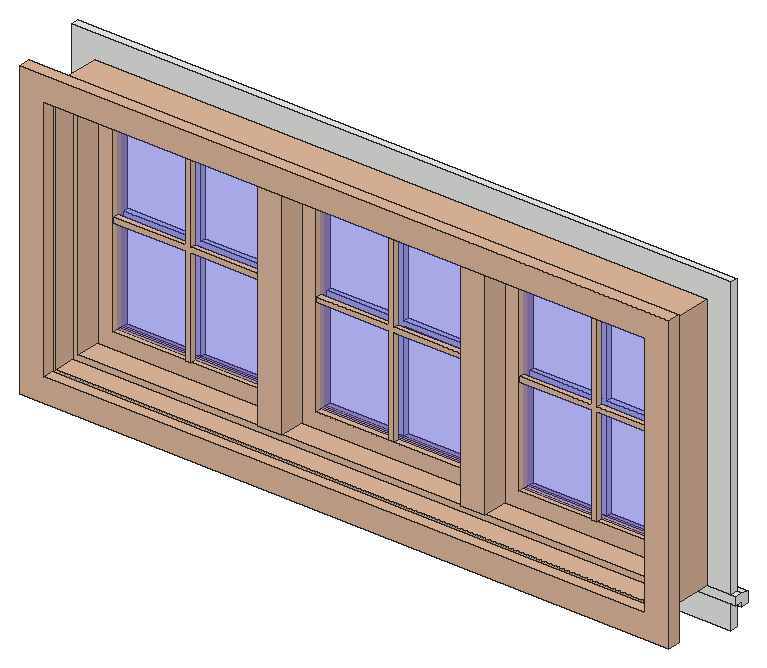
Revit family "M_Janela-batente-triplo", category Janelas, Revit 2019
Family settings
  Hospedeiro = Parede
  Número OmniClass = 23.30.20.17.21.14
  Título OmniClass = Casement Windows
  Sempre na vertical = Sim
  Corte com vazios quando carregada = Não
  Compartilhado = Não
  Ponto de cálculo do ambiente = Não
Parameters (values of type "1550 x 650mm")
  Janela aplicada [instance] = 0 mm
  Espessura da parede [instance] = 150 mm
  Largura do montante = Largura do caixilho - 57.15 mm * 2  # 381.2 mm
  Visual Light Transmittance = 0.81
  Resistência térmica (R) = 0.319569 (m²·K)/W
  Solar Heat Gain Coefficient = 0.76
  Um terceiro da largura = Largura / 3  # 516.667 mm
  Largura do caixilho = (Largura - 63.5 mm) / 3  # 495.5 mm
  Largura bruta = Largura + 15 mm  # 1565 mm
  Altura bruta = Altura + 15 mm  # 665 mm
  Visibilidade do montante central = yes
  Visibilidade do montante lateral = yes
  Padrão do montante = M_Padrão do montante_2x2 : M_Padrão do montante_2x2
  Fechamento da parede interior [instance] = 54.75 mm
  Visibilidade do recorte interior [instance] = yes
  Material da apara interior = Madeira – Manchada
  Recorte interior = M_Moldura-janela-interior-plana : Quadro
  Altura = 650 mm
  Material da moldura interior = Madeira – Manchada
  Coeficiente de transferência de calor (U) = 3.12929 W/(m²·K)
  Altura do montante = Altura - 69.85 mm * 2  # 510.3 mm
  Material do painel de vidro = Vidro
  Extensão do quadro [instance] = if(Visibilidade da apara externa, Janela aplicada + 6.35 mm, 6.35 mm)  # 6.35 mm
  Classificação de incêndio = "0.5h"
  Fechamento da parede externa [instance] = 31.75 mm
  Visibilidade da apara externa [instance] = yes
  Material da apara externa = Revestimento – Branco
  Apara externa = M_Recorte-Janela-Exterior-Plana : com peitoril
  Material da moldura exterior = Revestimento – Branco
  Visibilidade do umbral da extensão [instance] = and(Visibilidade do recorte interior, Espessura da parede - Janela aplicada > 95.25 mm)  # yes
  Umbral da extensão [instance] = if(Espessura da parede - Janela aplicada > 95.25 mm, Espessura da parede - Janela aplicada - 95.25 mm, 25.4 mm)  # 54.75 mm
  Altura-padrão do peitoril = 900 mm
  Fechamento da parede = Por hospedeiro
  Largura = 1550 mm
  Código de montagem = "B2020100"
  Construção analítica = "Vidraça dupla – residencial"
Reference planes
  plane 1 "Centro (Frente/Trás)": y = 0
  plane 2: z = 0
  plane 3 "Centro (Esquerda/Direita)": x = 0
  plane 4 "Esquerda": x = -775
  plane 5 "Direita": x = 775
  plane 6 "Peitoril": z = 900
  plane 7 "Superior": z = 1550
  plane 8 "Inset Face": y = 75
  plane 9 "Fechamento da parede": y = -20.25
  plane 10 "Face do caixilho": y = 87.7
  plane 11 "Exterior": y = 75
  plane 12: x = 762.3
  plane 13: x = -762.3
  plane 14: z = 1537.3
  plane 15: z = 912.7
  plane 16: x = 705.15
  plane 17: x = -705.15
  plane 18: z = 1480.15
  plane 19: z = 969.85
  plane 20: y = 55.95
  plane 21 "Vidro": y = 65.475
  plane 22 "Meio": z = 1225
  plane 23: x = 266.8
  plane 24: x = -266.8
  plane 25: x = 247.75
  plane 26: x = -247.75
  plane 27 "Umbral": y = -20.25
  plane 28 "Interior": y = -75
  plane 29: y = 94.05
  plane 30: x = -287.31
  plane 31: x = -257.275
  plane 32: x = -227.24
  plane 33: x = 257.275
  plane 34: y = 94.05
  plane 35: x = 323.95
  plane 36: x = -323.95
  plane 37: x = 514.55
  plane 38: x = -514.55
  plane 39: y = -20.25
  plane 40: y = 43.25
  plane 41: x = 190.6
  plane 42: x = -190.6
  plane 43: y = 94.05
  plane 44: y = 43.25
Forms (mm)
  Sweep 1, solid, material "Madeira – Manchada" <- "Material da moldura interior"
    path origin (0, 87.7, 0) x (-1, 0, 0) y (0, 0, 1)
      loop
        line (-775, 900) -> (775, 900) -> (775, 1550) -> (-775, 1550) -> (-775, 900)
    profile origin (775, 87.7, 1225) x (1, 0, 0) y (0, 1, 0)
      loop
        line (0, 6.35) -> (-12.7, 6.35) -> (-12.7, -44.45) -> (-31.75, -44.45) -> (-31.75, -107.95) -> (0, -107.95) -> (0, 6.35)
  Extrusion 2, solid, material "Madeira – Manchada" <- "Material da moldura interior", visible <- "Visibilidade do umbral da extensão"
    sketch origin (0, 0, 0) x (1, 0, 0) y (0, 0, 1)
      loop
        line (775, 1550) -> (-775, 1550) -> (-775, 900) -> (775, 900) -> (775, 1550)
      loop
        line (755.95, 919.05) -> (755.95, 1530.95) -> (-755.95, 1530.95) -> (-755.95, 919.05) -> (755.95, 919.05)
    from 20.25 to 75
  Sweep 3, solid, material "Madeira – Manchada" <- "Material da moldura interior"
    path origin (0, 87.7, 0) x (-1, 0, 0) y (0, 0, 1)
      loop
        line (-762.3, 1537.3) -> (-762.3, 912.7) -> (-266.8, 912.7) -> (-266.8, 1537.3) -> (-762.3, 1537.3)
    profile origin (762.3, 87.7, 1225) x (0, 1, 0) y (-1, 0, 0)
      loop
        line (0, 0) -> (0, 57.15) -> (-44.45, 57.15) -> (-44.45, 0) -> (0, 0)
  Sweep 4, solid, material "Madeira – Manchada" <- "Material da moldura interior"
    path origin (0, 87.7, 0) x (-1, 0, 0) y (0, 0, 1)
      loop
        line (266.8, 912.7) -> (762.3, 912.7) -> (762.3, 1537.3) -> (266.8, 1537.3) -> (266.8, 912.7)
    profile origin (-266.8, 87.7, 1225) x (1, 0, 0) y (0, 1, 0)
      loop
        line (0, 0) -> (-57.15, 0) -> (-57.15, -44.45) -> (0, -44.45) -> (0, 0)
  Extrusion 5, solid, material "Vidro" <- "Material do painel de vidro"
    sketch origin (0, 0, 900) x (0, -1, 0) y (1, 0, 0)
      loop
        line (-75, 323.95) -> (-68.65, 323.95) -> (-68.65, 705.15) -> (-75, 705.15) -> (-75, 323.95)
      loop
        line (-55.95, 705.15) -> (-62.3, 705.15) -> (-62.3, 323.95) -> (-55.95, 323.95) -> (-55.95, 705.15)
    from 69.85 to 580.15
  Extrusion 6, solid, material "Vidro" <- "Material do painel de vidro"
    sketch origin (-701.675, 0, 900) x (0, -1, 0) y (1, 0, 0)
      loop
        line (-75, -3.475) -> (-68.65, -3.475) -> (-68.65, 377.725) -> (-75, 377.725) -> (-75, -3.475)
      loop
        line (-55.95, 377.725) -> (-62.3, 377.725) -> (-62.3, -3.475) -> (-55.95, -3.475) -> (-55.95, 377.725)
    from 69.85 to 580.15
  Extrusion 7, solid, material "Vidro" <- "Material do painel de vidro"
    sketch origin (-543.892, 0, 900) x (0, -1, 0) y (1, 0, 0)
      loop
        line (-75, 353.292) -> (-68.65, 353.292) -> (-68.65, 734.492) -> (-75, 734.492) -> (-75, 353.292)
      loop
        line (-55.95, 734.492) -> (-62.3, 734.492) -> (-62.3, 353.292) -> (-55.95, 353.292) -> (-55.95, 734.492)
    from 69.85 to 580.15
  Sweep 8, solid, material "Madeira – Manchada" <- "Material da moldura interior"
    path origin (-601.042, 87.7, 0) x (-1, 0, 0) y (0, 0, 1)
      loop
        line (-848.792, 1537.3) -> (-848.792, 912.7) -> (-353.292, 912.7) -> (-353.292, 1537.3) -> (-848.792, 1537.3)
    profile origin (247.75, 87.7, 1225) x (0, 1, 0) y (-1, 0, 0)
      loop
        line (0, 0) -> (0, 57.15) -> (-44.45, 57.15) -> (-44.45, 0) -> (0, 0)
  Extrusion 9, solid, material "Madeira – Manchada" <- "Material da moldura interior"
    sketch origin (0, 0, 900) x (0, -1, 0) y (1, 0, 0)
      loop
        line (-94.05, -266.8) -> (-43.25, -266.8) -> (-43.25, -287.31) -> (20.25, -287.31) -> (20.25, -227.24) -> (-43.25, -227.24) -> (-43.25, -247.75) -> (-94.05, -247.75) -> (-94.05, -266.8)
      loop
        line (-94.05, 247.75) -> (-43.25, 247.75) -> (-43.25, 227.24) -> (20.25, 227.24) -> (20.25, 287.31) -> (-43.25, 287.31) -> (-43.25, 266.8) -> (-94.05, 266.8) -> (-94.05, 247.75)
    from 12.7 to 637.3
  Extrusion 10, void
    sketch origin (0, 0, 0) x (1, 0, 0) y (0, 0, 1)
      loop
        line (-287.31, 1530.95) -> (-287.31, 1518.25) -> (-227.24, 1518.25) -> (-227.24, 1530.95) -> (-287.31, 1530.95)
      loop
        line (227.24, 1530.95) -> (227.24, 1518.25) -> (287.31, 1518.25) -> (287.31, 1530.95) -> (227.24, 1530.95)
      loop
        line (-287.31, 931.75) -> (-287.31, 912.7) -> (-227.24, 912.7) -> (-227.24, 931.75) -> (-287.31, 931.75)
      loop
        line (227.24, 931.75) -> (227.24, 912.7) -> (287.31, 912.7) -> (287.31, 931.75) -> (227.24, 931.75)
    from -65.475 to 20.25
Cuts and joins
  Extrusion 10 cuts Extrusion 9
Lines and regions (mm)
  Opening 1
    outline origin (-1524, -75, 0) x (1, 0, 0) y (0, 0, 1)
      loop
        line (749, 1550) -> (749, 900) -> (2299, 900) -> (2299, 1550) -> (749, 1550)
  Split face 1
    outline origin (705.15, 87.7, 969.85) x (-1, 0, 0) y (0, -1, 0)
      loop
        line (381.2, 12.7) -> (0, 12.7)
  Split face 2
    outline origin (705.15, 87.7, 1480.15) x (0, 0, -1) y (0, -1, 0)
      loop
        line (0, 12.7) -> (510.3, 12.7)
  Split face 3
    outline origin (323.95, 87.7, 969.85) x (0, 0, 1) y (0, -1, 0)
      loop
        line (510.3, 12.7) -> (0, 12.7)
  Split face 4
    outline origin (323.95, 87.7, 1480.15) x (0, -1, 0) y (1, 0, 0)
      loop
        line (12.7, 0) -> (12.7, 381.2)
  Split face 5
    outline origin (-705.15, 43.25, 969.85) x (1, 0, 0) y (0, 1, 0)
      loop
        line (0, 31.75) -> (381.2, 31.75)
  Split face 6
    outline origin (-323.95, 43.25, 969.85) x (0, 0, 1) y (0, 1, 0)
      loop
        line (510.3, 31.75) -> (0, 31.75)
  Split face 7
    outline origin (-705.15, 43.25, 1480.15) x (0, 0, -1) y (0, 1, 0)
      loop
        line (510.3, 31.75) -> (0, 31.75)
  Split face 8
    outline origin (-323.95, 43.25, 1480.15) x (0, 1, 0) y (-1, 0, 0)
      loop
        line (31.75, 381.2) -> (31.75, 0)
  Split face 9
    outline origin (190.6, 87.7, 969.85) x (-1, 0, 0) y (0, -1, 0)
      loop
        line (381.2, 12.7) -> (0, 12.7)
  Split face 10
    outline origin (190.6, 87.7, 1480.15) x (0, 0, -1) y (0, -1, 0)
      loop
        line (0, 12.7) -> (510.3, 12.7)
  Split face 11
    outline origin (-190.6, 87.7, 969.85) x (0, 0, 1) y (0, -1, 0)
      loop
        line (510.3, 12.7) -> (0, 12.7)
  Split face 12
    outline origin (-190.6, 87.7, 1480.15) x (0, -1, 0) y (1, 0, 0)
      loop
        line (12.7, 0) -> (12.7, 381.2)
  symbolic lines, style "Giro da elevação"
    curve 1: line (266.8, 0, 1537.3) -> (762.3, 0, 1225)
    curve 2: line (762.3, 0, 1225) -> (266.8, 0, 912.7)
    curve 3: line (-266.8, 0, 1537.3) -> (-762.3, 0, 1225)
    curve 4: line (-762.3, 0, 1225) -> (-266.8, 0, 912.7)
Text (mm)
  text "EXTERIOR" at (-1490.695, 1293.036, 0), in view "Nível de referência"
  text "INTERIOR" at (-1490.695, -959.266, 0), in view "Nível de referência"
  text "Exterior" at (0, 1108.87, 3129.179), in view "Esquerda"
  text "Exterior" at (0, 464.664, 3176.206), in view "Direita"
Dimensions and locks
  equal spacing: plane 4 "Esquerda", plane 3 "Centro (Esquerda/Direita)", plane 5 "Direita"
  "Largura": plane 4 "Esquerda" to plane 5 "Direita"
  "Altura": plane 6 "Peitoril" to plane 7 "Superior"
  "Altura-padrão do peitoril": plane 2 to plane 6 "Peitoril"
  locked: plane 10 "Face do caixilho" to plane 8 "Inset Face" at 12.7
  "Espessura da parede": host wall to host wall
  "Janela aplicada": plane 11 "Exterior" to plane 8 "Inset Face"
  locked: Sweep 1 sketch curve to plane 5 "Direita" at 31.75
  locked: Sweep 1 sketch curve to plane 5 "Direita" at 12.7
  locked: plane 10 "Face do caixilho" to Sweep 1 sketch curve at 44.45
  locked: plane 12 to plane 5 "Direita" at 12.7
  locked: plane 4 "Esquerda" to plane 13 at 12.7
  locked: plane 14 to plane 7 "Superior" at 12.7
  locked: plane 6 "Peitoril" to plane 15 at 12.7
  locked: plane 16 to plane 12 at 57.15
  locked: plane 13 to plane 17 at 57.15
  locked: plane 18 to plane 14 at 57.15
  locked: plane 15 to plane 19 at 57.15
  locked: Extrusion 2 sketch curve to plane 7 "Superior" at 19.05
  locked: Extrusion 2 sketch curve to plane 5 "Direita" at 19.05
  locked: Extrusion 2 sketch curve to plane 4 "Esquerda" at 19.05
  locked: plane 6 "Peitoril" to Extrusion 2 sketch curve at 19.05
  plane 13 to plane 12 = 1524.6 mm
  plane 20 to Sweep 3 = 12.7 mm
  equal spacing: plane 8 "Inset Face", plane 21 "Vidro", plane 20
  locked: plane 8 "Inset Face" to plane 20 at 19.05
  equal spacing: plane 6 "Peitoril", plane 22 "Meio", plane 7 "Superior"
  plane 25 to plane 23 = 19.05 mm  (x2)
  plane 26 to plane 24 = 19.05 mm
  "Largura do caixilho": plane 23 to plane 12
  "Largura do caixilho": plane 13 to plane 24
  "Umbral da extensão": plane 27 "Umbral" to plane 28 "Interior"
  locked: plane 29 to plane 10 "Face do caixilho" at 6.35
  equal spacing: plane 30, plane 31, plane 32
  plane 30 to plane 32 = 60.07 mm
  equal spacing: plane 24, plane 31, plane 26
  equal spacing: plane 25, plane 33, plane 23
  locked: plane 34 to plane 11 "Exterior" at 19.05
  locked: plane 8 "Inset Face" to plane 9 "Fechamento da parede" at 95.25
  locked: plane 23 to plane 35 at 57.15
  locked: plane 36 to plane 24 at 57.15
  equal spacing: plane 35, plane 37, plane 16
  equal spacing: plane 17, plane 38, plane 36
  level to host wall = 5461 mm
  "Fechamento da parede interior": plane 39 to plane 28 "Interior"
  "Fechamento da parede externa": plane 11 "Exterior" to plane 40
  locked: plane 25 to plane 41 at 57.15
  locked: plane 42 to plane 26 at 57.15
  "Extensão do quadro": plane 43 to plane 10 "Face do caixilho"
  locked: plane 10 "Face do caixilho" to plane 44 at 44.45
  aligned and locked: plane 7 "Superior" to Opening 1 sketch curve
  aligned and locked: plane 6 "Peitoril" to Opening 1 sketch curve  (x2)
  aligned and locked: plane 5 "Direita" to Opening 1 sketch curve
  aligned and locked: plane 4 "Esquerda" to Opening 1 sketch curve
  aligned and locked: level to plane 2
  aligned and locked: host wall to plane 11 "Exterior"
  aligned and locked: plane 5 "Direita" to Sweep 1 sketch curve
  aligned and locked: plane 7 "Superior" to Sweep 1 sketch curve
  aligned and locked: Sweep 1 sketch curve to plane 4 "Esquerda"
  aligned and locked: Sweep 1 sketch curve to plane 6 "Peitoril"
  aligned and locked: Extrusion 2 sketch curve to host wall  (x3)
  aligned and locked: plane 7 "Superior" to Extrusion 2 sketch curve
  aligned and locked: host wall to Extrusion 2
  aligned and locked: Sweep 3 sketch curve to plane 12
  aligned and locked: plane 14 to Sweep 3 sketch curve
  aligned and locked: Sweep 3 sketch curve to plane 15
  aligned and locked: plane 16 to Sweep 3 sketch curve
  aligned and locked: Sweep 3 sketch curve to plane 10 "Face do caixilho"
  aligned and locked: plane 15 to Sweep 4 sketch curve
  aligned and locked: Sweep 4 sketch curve to plane 13
  aligned and locked: Sweep 4 sketch curve to plane 14
  aligned and locked: Split face 1 sketch curve to plane 8 "Inset Face"
  aligned and locked: plane 8 "Inset Face" to Split face 2 sketch curve
  aligned and locked: plane 8 "Inset Face" to Split face 3 sketch curve
  aligned and locked: Split face 4 sketch curve to plane 8 "Inset Face"
  aligned and locked: Extrusion 5 sketch curve to plane 8 "Inset Face"
  aligned and locked: plane 16 to Extrusion 5 sketch curve
  aligned and locked: Sweep 3 to Extrusion 5 sketch curve
  aligned and locked: Extrusion 5 sketch curve to plane 20
  aligned and locked: Extrusion 5 sketch curve to plane 16
  aligned and locked: Extrusion 5 sketch curve to Sweep 3
  aligned and locked: plane 18 to Extrusion 5
  aligned and locked: Extrusion 5 to plane 19
  aligned and locked: Extrusion 6 sketch curve to plane 8 "Inset Face"
  aligned and locked: plane 20 to Extrusion 6 sketch curve
  aligned and locked: Sweep 4 to Extrusion 6 sketch curve  (x2)
  aligned and locked: Extrusion 6 sketch curve to plane 17  (x2)
  aligned and locked: plane 22 "Meio" to curve 2
  aligned and locked: plane 22 "Meio" to curve 4
  aligned and locked: plane 14 to curve 1
  aligned and locked: plane 14 to curve 3
  aligned and locked: plane 15 to curve 2
  aligned and locked: plane 15 to curve 4
  aligned and locked: plane 18 to Extrusion 6
  aligned and locked: Split face 5 sketch curve to Extrusion 6
  aligned and locked: plane 8 "Inset Face" to Split face 6 sketch curve
  aligned and locked: Split face 7 sketch curve to plane 8 "Inset Face"
  aligned and locked: Split face 8 sketch curve to plane 8 "Inset Face"
  aligned and locked: plane 23 to Sweep 3 sketch curve
  aligned and locked: plane 24 to Sweep 4 sketch curve
  aligned and locked: Sweep 8 sketch curve to plane 25
  aligned and locked: Sweep 8 sketch curve to plane 26
  aligned and locked: plane 14 to Sweep 8 sketch curve
  aligned and locked: Sweep 8 sketch curve to plane 15
  aligned and locked: Sweep 8 to Extrusion 7 sketch curve  (x4)
  aligned and locked: Extrusion 7 to plane 19
  aligned and locked: plane 18 to Extrusion 7
  aligned and locked: curve 1 to Sweep 3
  aligned and locked: Sweep 3 to curve 2
  aligned and locked: Extrusion 7 sketch curve to plane 8 "Inset Face"
  aligned and locked: plane 20 to Extrusion 7 sketch curve
  aligned and locked: nested 1 to plane 21 "Vidro"
  aligned and locked: plane 21 "Vidro" to nested 2
  aligned and locked: nested 3 to host wall
  aligned and locked: plane 3 "Centro (Esquerda/Direita)" to nested 3
  aligned and locked: nested 4 to host wall
  aligned and locked: nested 4 to plane 4 "Esquerda"
  aligned and locked: Extrusion 2 to plane 27 "Umbral"
  aligned and locked: plane 28 "Interior" to host wall
  aligned and locked: plane 9 "Fechamento da parede" to Sweep 1
  aligned and locked: plane 24 to Extrusion 9 sketch curve
  aligned and locked: plane 26 to Extrusion 9 sketch curve
  aligned and locked: Extrusion 9 sketch curve to plane 30
  aligned and locked: Extrusion 9 sketch curve to plane 32
  aligned and locked: Sweep 1 to Extrusion 9 sketch curve  (x2)
  aligned and locked: Sweep 4 to Extrusion 9
  aligned and locked: Extrusion 9 to Sweep 4
  aligned and locked: plane 25 to Extrusion 9 sketch curve
  aligned and locked: Extrusion 9 sketch curve to plane 23
  aligned and locked: Extrusion 2 to Extrusion 10 sketch curve  (x2)
  aligned and locked: plane 30 to Extrusion 10 sketch curve  (x2)
  aligned and locked: Extrusion 10 sketch curve to Sweep 1  (x4)
  aligned and locked: plane 32 to Extrusion 10 sketch curve  (x2)
  aligned and locked: Extrusion 10 sketch curve to Extrusion 9  (x4)
  aligned and locked: Extrusion 10 to plane 9 "Fechamento da parede"
  aligned and locked: Extrusion 10 sketch curve to plane 15  (x2)
  aligned and locked: nested 4 to plane 7 "Superior"
  aligned and locked: nested 3 to plane 7 "Superior"
  aligned and locked: nested 5 to plane 7 "Superior"
  aligned and locked: nested 5 to plane 5 "Direita"
  aligned and locked: nested 5 to plane 11 "Exterior"
  aligned and locked: plane 25 to cut or joined group of Extrusion 9, Extrusion 10
  aligned and locked: plane 26 to cut or joined group of Extrusion 9, Extrusion 10
  aligned and locked: nested 2 to plane 19
  aligned and locked: plane 19 to nested 1
  aligned and locked: nested 2 to plane 18
  aligned and locked: plane 18 to nested 1
  aligned and locked: nested 1 to plane 36
  aligned and locked: nested 1 to plane 17
  aligned and locked: nested 2 to plane 16
  aligned and locked: nested 2 to plane 35
  aligned and locked: plane 7 "Superior" to nested 6
  aligned and locked: nested 6 to plane 3 "Centro (Esquerda/Direita)"
  aligned and locked: plane 7 "Superior" to nested 7
  aligned and locked: plane 3 "Centro (Esquerda/Direita)" to nested 7
  aligned and locked: plane 21 "Vidro" to Extrusion 10
  aligned and locked: plane 42 to nested 8
  aligned and locked: plane 41 to nested 8
  aligned and locked: nested 8 to plane 19
  aligned and locked: nested 8 to plane 18
  aligned and locked: plane 21 "Vidro" to nested 8
  aligned and locked: Sweep 1 sketch curve to plane 43
  aligned and locked: Extrusion 9 sketch curve to plane 44  (x4)
  aligned and locked: Extrusion 9 sketch curve to plane 29
  aligned and locked: plane 29 to Extrusion 9 sketch curve
Automatic sketch dimensions
  Sweep 3 sketch curve to profile plane = 0 mm
  Sweep 3 sketch curve to plane 10 "Face do caixilho" = 44.45 mm
  Sweep 4 sketch curve to plane 10 "Face do caixilho" = 0 mm
  Sweep 4 sketch curve to profile plane = 0 mm
  profile plane to Sweep 4 sketch curve = 57.15 mm
  Sweep 4 sketch curve to plane 10 "Face do caixilho" = 44.45 mm
  Split face 1 sketch curve to Sweep 3 = 0 mm  (x2)
  Sweep 3 to Split face 2 sketch curve = 0 mm
  Split face 2 sketch curve to Sweep 3 = 0 mm
  Split face 3 sketch curve to Sweep 3 = 0 mm
  Sweep 3 to Split face 3 sketch curve = 0 mm
  Split face 4 sketch curve to Sweep 3 = 0 mm  (x2)
  plane 21 "Vidro" to Extrusion 5 sketch curve = 3.175 mm
  Extrusion 5 sketch curve to plane 21 "Vidro" = 3.175 mm
  plane 21 "Vidro" to Extrusion 6 sketch curve = 3.175 mm
  Extrusion 6 sketch curve to plane 21 "Vidro" = 3.175 mm
  Split face 5 sketch curve to Sweep 4 = 0 mm  (x2)
  Split face 6 sketch curve to Sweep 4 = 0 mm
  Sweep 4 to Split face 6 sketch curve = 0 mm
  Sweep 4 to Split face 7 sketch curve = 0 mm
  Split face 7 sketch curve to Sweep 4 = 0 mm
  Split face 8 sketch curve to Sweep 4 = 0 mm  (x2)
  plane 21 "Vidro" to Extrusion 7 sketch curve = 3.175 mm
  Extrusion 7 sketch curve to plane 21 "Vidro" = 3.175 mm
  Sweep 8 sketch curve to profile plane = 0 mm
  Sweep 8 sketch curve to plane 10 "Face do caixilho" = 0 mm
  Sweep 8 sketch curve to Sweep 8 sketch curve = 44.45 mm
  Sweep 8 sketch curve to profile plane = 57.15 mm
  Split face 9 sketch curve to Sweep 8 = 0 mm  (x2)
  Split face 9 sketch curve to Sweep 8 = 12.7 mm
  Sweep 8 to Split face 10 sketch curve = 0 mm
  Split face 10 sketch curve to Sweep 8 = 0 mm
  Split face 10 sketch curve to Sweep 8 = 12.7 mm
  Split face 11 sketch curve to Sweep 8 = 0 mm
  Sweep 8 to Split face 11 sketch curve = 0 mm
  Split face 11 sketch curve to Sweep 8 = 12.7 mm
  Split face 12 sketch curve to Sweep 8 = 0 mm  (x2)
  Split face 12 sketch curve to Sweep 8 = 12.7 mm
  plane 13 to curve 4 = 0 mm
  plane 12 to curve 2 = 0 mm
  plane 24 to curve 3 = 0 mm
  plane 24 to curve 4 = 0 mm
  Sweep 1 sketch curve to profile plane = 0 mm
  Sweep 1 sketch curve to Sweep 1 sketch curve = 63.5 mm
  plane 25 to Extrusion 9 sketch curve = 20.51 mm
  Extrusion 9 sketch curve to plane 23 = 20.51 mm
Nested families
  nested 1: "M_Padrão do montante_2x2" at (-514.55, 65.475, 969.85), Material interior <- "Material da moldura interior", Material externo <- "Material da moldura exterior", visible <- "Visibilidade do montante lateral", type <- "Padrão do montante", type "M_Padrão do montante_2x2"
    with Largura 381.2 mm, Material interior Madeira – Manchada, Altura 510.3 mm, Material externo Revestimento – Branco
  nested 2: "M_Padrão do montante_2x2" at (514.55, 65.475, 969.85) x (-1, 0, 0) z (0, 0, 1), Material interior <- "Material da moldura interior", Material externo <- "Material da moldura exterior", visible <- "Visibilidade do montante lateral", type <- "Padrão do montante", type "M_Padrão do montante_2x2"
    with Largura 381.2 mm, Material interior Madeira – Manchada, Altura 510.3 mm, Material externo Revestimento – Branco
  nested 3: "M_Plano-Batente" at (0, 75, 900), Largura <- "Um terceiro da largura", Janela aplicada <- "Janela aplicada", Altura <- "Altura", Espessura da parede <- "Espessura da parede", type "M_Plano-Batente"
    with Janela aplicada de 3D 0 mm, Janela aplicada 0 mm, Largura 516.667 mm, Espessura da parede 150 mm, Linha superior yes, Linha à direita no, RH no, Linha à esquerda no, LH no, Altura 650 mm, Linha inferior yes
  nested 4: "M_Plano-Batente" at (-516.667, 75, 900), Largura <- "Um terceiro da largura", Janela aplicada <- "Janela aplicada", Altura <- "Altura", Espessura da parede <- "Espessura da parede", type "M_Plano-Batente"
    with Janela aplicada de 3D 0 mm, Janela aplicada 0 mm, Largura 516.667 mm, Espessura da parede 150 mm, Linha superior yes, Linha à direita no, RH no, Linha à esquerda yes, LH yes, Altura 650 mm, Linha inferior yes
  nested 5: "M_Plano-Batente" at (516.667, 75, 900), Janela aplicada <- "Janela aplicada", Largura <- "Um terceiro da largura", Altura <- "Altura", Espessura da parede <- "Espessura da parede", type "M_Plano-Batente"
    with Janela aplicada de 3D 0 mm, Janela aplicada 0 mm, Largura 516.667 mm, Espessura da parede 150 mm, Linha superior yes, Linha à direita yes, RH yes, Linha à esquerda no, LH no, Altura 650 mm, Linha inferior yes
  nested 6: "M_Recorte-Janela-Exterior-Plana" at (0, 75, 1550) x (-1, 0, 0) z (0, 1, 0), visible <- "Visibilidade da apara externa", Material da apara <- "Material da apara externa", Largura da abertura <- "Largura", Altura da abertura <- "Altura", type <- "Apara externa", type "com peitoril"
    with Material da apara Revestimento – Branco, Largura da abertura 1550 mm, Altura da abertura 650 mm
  nested 7: "M_Moldura-janela-interior-plana" at (0, -75, 1550) x (1, 0, 0) z (0, -1, 0), visible <- "Visibilidade do recorte interior", Material da apara <- "Material da apara interior", Largura da abertura <- "Largura", Altura da abertura <- "Altura", type <- "Recorte interior", type "Quadro"
    with Material da apara Madeira – Manchada, Largura da abertura 1550 mm, Altura da abertura 650 mm
  nested 8: "M_Padrão do montante_2x2" at (0, 65.475, 969.85) x (-1, 0, 0) z (0, 0, 1), Material interior <- "Material da moldura interior", Material externo <- "Material da moldura exterior", visible <- "Visibilidade do montante central", type <- "Padrão do montante", type "M_Padrão do montante_2x2"
    with Largura 381.2 mm, Material interior Madeira – Manchada, Altura 510.3 mm, Material externo Revestimento – Branco
Definition of nested family "M_Padrão do montante_2x2"
  Parameters (values of type "M_Padrão do montante_2x2")
    Largura [instance] = 1200 mm
    Espessura = 12.7 mm
    Altura [instance] = 1200 mm
    Material interior [instance] = none
    Material externo [instance] = none
    Distância = 19.05 mm
  Reference planes
    plane 1 "Centro (Frente/Trás)": y = 0
    plane 2: z = 0
    plane 3 "Centro (Esquerda/Direita)": x = 0
    plane 4: z = 1200
    plane 5: x = -600
    plane 6: x = 600
    plane 7: z = 600
    plane 8: y = 9.525
    plane 9: y = 22.225
    plane 10: y = -9.525
    plane 11: y = -22.225
  Forms (mm)
    Extrusion 1, solid, material <- "Material interior", detail levels fine
      sketch origin (0, 0, 0) x (1, 0, 0) y (0, 0, 1)
        loop
          line (-600, 606.35) -> (-600, 593.65) -> (-6.35, 593.65) -> (-6.35, 0) -> (6.35, 0) -> (6.35, 593.65) -> (600, 593.65) -> (600, 606.35) -> (6.35, 606.35) -> (6.35, 1200) -> (-6.35, 1200) -> (-6.35, 606.35) -> (-600, 606.35)
      from 9.525 to 22.225
    Extrusion 2, solid, material <- "Material externo", detail levels fine
      sketch origin (0, 0, 0) x (1, 0, 0) y (0, 0, -1)
        loop
          line (-600, -606.35) -> (-6.35, -606.35) -> (-6.35, -1200) -> (6.35, -1200) -> (6.35, -606.35) -> (600, -606.35) -> (600, -593.65) -> (6.35, -593.65) -> (6.35, 0) -> (-6.35, 0) -> (-6.35, -593.65) -> (-600, -593.65) -> (-600, -606.35)
      from 9.525 to 22.225
  Lines and regions (mm)
    model lines, detail levels medium
      curve 1: line (0, 9.525, 1200) -> (0, 9.525, 0)
      curve 2: line (-600, -9.525, 600) -> (600, -9.525, 600)
      curve 3: line (-600, 9.525, 600) -> (600, 9.525, 600)
      curve 4: line (0, -9.525, 1200) -> (0, -9.525, 0)
  Dimensions and locks
    equal spacing: plane 6, plane 3 "Centro (Esquerda/Direita)", plane 5
    "Largura": plane 6 to plane 5
    "Altura": plane 4 to plane 2
    equal spacing: plane 4, plane 7, plane 2
    locked: plane 3 "Centro (Esquerda/Direita)" to Extrusion 1 sketch curve at 6.35  (x4)
    locked: Extrusion 1 sketch curve to plane 7 at 6.35  (x2)
    locked: plane 7 to Extrusion 1 sketch curve at 6.35  (x2)
    "Espessura": plane 9 to plane 8
    "Espessura": plane 10 to plane 11
    "Distância": plane 8 to plane 10
    equal spacing: plane 8, plane 1 "Centro (Frente/Trás)", plane 10
    aligned and locked: plane 2 to level
    aligned and locked: plane 4 to curve 1
    aligned and locked: plane 5 to curve 2
    aligned and locked: plane 2 to curve 1
    aligned and locked: plane 6 to curve 2
    aligned and locked: Extrusion 1 sketch curve to plane 4
    aligned and locked: Extrusion 1 sketch curve to plane 6
    aligned and locked: Extrusion 1 sketch curve to plane 5
    aligned and locked: Extrusion 1 sketch curve to level
    aligned and locked: Extrusion 1 to plane 11
    aligned and locked: plane 10 to Extrusion 1
    aligned and locked: Extrusion 2 to plane 5
    aligned and locked: plane 6 to Extrusion 2
    aligned and locked: Extrusion 2 to plane 8
    aligned and locked: plane 9 to Extrusion 2
    aligned and locked: Extrusion 2 to plane 2
    aligned and locked: plane 4 to Extrusion 2
    aligned and locked: plane 5 to curve 3
    aligned and locked: plane 6 to curve 3
    aligned and locked: plane 4 to curve 4
    aligned and locked: plane 2 to curve 4
    aligned and locked: plane 8 to curve 3
  Automatic sketch dimensions
    curve 2 to plane 7 = 0 mm
    Extrusion 2 sketch curve to plane 5 = 0 mm
    Extrusion 2 sketch curve to level = 0 mm
    Extrusion 2 sketch curve to plane 4 = 0 mm
    Extrusion 2 sketch curve to plane 6 = 0 mm
    Extrusion 2 sketch curve to plane 3 "Centro (Esquerda/Direita)" = 6.35 mm  (x2)
    plane 3 "Centro (Esquerda/Direita)" to Extrusion 2 sketch curve = 6.35 mm  (x2)
    plane 7 to Extrusion 2 sketch curve = 6.35 mm  (x2)
    Extrusion 2 sketch curve to plane 7 = 6.35 mm  (x2)
    curve 4 to plane 3 "Centro (Esquerda/Direita)" = 0 mm
    curve 4 to level = 0 mm
    curve 4 to plane 4 = 0 mm
    curve 3 to plane 6 = 0 mm
    curve 1 to plane 3 "Centro (Esquerda/Direita)" = 0 mm
    curve 3 to plane 5 = 0 mm
    curve 3 to plane 7 = 0 mm
Definition of nested family "M_Recorte-Janela-Exterior-Plana"
  Parameters (values of type "com peitoril")
    Largura da apara = 60 mm
    Espessura da apara_Quadro = 30 mm
    Espessura da apara_com peitoril = 19.05 mm
    Material da apara [instance] = none
    Espessura do peitoril = 30 mm
    Peitoril = yes
    Quadro = no
    Largura da abertura [instance] = 600 mm
    Altura da abertura [instance] = 900 mm
    Default Elevation = 1200 mm
  Types (2, lengths in mm): name | Peitoril | Quadro
    com peitoril | yes | no
    Quadro | no | yes
  Reference planes
    plane 1 "Centro (Frente/Trás)": y = 0
    plane 2: z = 0
    plane 3 "Centro (Esquerda/Direita)": x = 0
    plane 4: y = 60
    plane 5 "Esquerda": x = -300
    plane 6 "Direita": x = 300
    plane 7 "Inferior": y = -900
    plane 8: y = -930
    plane 9: y = -980.432
    plane 10: x = 360
    plane 11: x = -360
    plane 12: z = 19.05
    plane 13: z = 30
    plane 14: x = 372.7
    plane 15: x = -372.7
    plane 16: y = -920.432
    plane 17: y = -960
    plane 18: z = 12.7
    plane 19: y = -450
    plane 20: z = 38.1
  Forms (mm)
    Extrusion 1, solid
      sketch origin (0, 0, 0) x (1, 0, 0) y (0, 1, 0)
        loop
          line (-361.95, 57.15) -> (-361.95, -993.732) -> (361.95, -993.732) -> (361.95, 57.15) -> (-361.95, 57.15)
      from 0 to -304.8
    Extrusion 2, solid, material <- "Material da apara", visible <- "Peitoril"
      sketch origin (0, 0, 0) x (1, 0, 0) y (0, 1, 0)
        loop
          line (-360, -900) -> (-300, -900) -> (-300, 0) -> (300, 0) -> (300, -900) -> (360, -900) -> (360, 60) -> (-360, 60) -> (-360, -900)
      from 0 to 19.05
    Extrusion 3, solid, material <- "Material da apara", visible <- "Peitoril"
      sketch origin (0, 0, 0) x (0, 1, 0) y (0, 0, 1)
        loop
          line (-902.458, 38.1) -> (-930, 38.1) -> (-930, 19.05) -> (-920.432, 19.05) -> (-920.432, 0) -> (-900, 0) -> (-900, 19.05) -> (-902.458, 38.1)
      from -372.7 to 372.7
    Extrusion 4, solid, material <- "Material da apara", visible <- "Peitoril"
      sketch origin (0, 0, 0) x (1, 0, 0) y (0, 1, 0)
        loop
          line (-360, -920.432) -> (-360, -980.432) -> (360, -980.432) -> (360, -920.432) -> (-360, -920.432)
      from 0 to 19.05
    Extrusion 5, solid, material <- "Material da apara", visible <- "Quadro"
      sketch origin (0, 0, 0) x (1, 0, 0) y (0, 1, 0)
        loop
          line (-300, 0) -> (-300, -900) -> (300, -900) -> (300, 0) -> (-300, 0)
        loop
          line (-360, 60) -> (-360, -960) -> (360, -960) -> (360, 60) -> (-360, 60)
      from 0 to 30
  Dimensions and locks
    equal spacing: plane 5 "Esquerda", plane 3 "Centro (Esquerda/Direita)", plane 6 "Direita"
    "Largura da abertura": plane 5 "Esquerda" to plane 6 "Direita"
    "Altura da abertura": plane 7 "Inferior" to plane 1 "Centro (Frente/Trás)"
    "Espessura do peitoril": plane 7 "Inferior" to plane 8
    "Largura da apara": plane 11 to plane 5 "Esquerda"
    "Largura da apara": plane 6 "Direita" to plane 10
    "Largura da apara": plane 1 "Centro (Frente/Trás)" to plane 4
    locked: plane 15 to plane 11 at 12.7
    locked: plane 10 to plane 14 at 12.7
    locked: plane 16 to plane 8 at 9.568
    "Largura da apara": plane 9 to plane 16
    "Largura da apara": plane 17 to plane 7 "Inferior"
    locked: plane 18 to plane 2 at 12.7
    equal spacing: plane 7 "Inferior", plane 19, plane 1 "Centro (Frente/Trás)"
    locked: plane 20 to plane 12 at 19.05
    "Espessura da apara_com peitoril": plane 12 to plane 2
    "Espessura da apara_Quadro": plane 13 to plane 2
    aligned and locked: plane 2 to Extrusion 1
    aligned and locked: level to Extrusion 1
    aligned and locked: Extrusion 2 sketch curve to plane 5 "Esquerda"
    aligned and locked: Extrusion 2 sketch curve to plane 11
    aligned and locked: plane 7 "Inferior" to Extrusion 2 sketch curve  (x2)
    aligned and locked: plane 1 "Centro (Frente/Trás)" to Extrusion 2 sketch curve
    aligned and locked: plane 10 to Extrusion 2 sketch curve
    aligned and locked: Extrusion 2 sketch curve to plane 6 "Direita"
    aligned and locked: plane 12 to Extrusion 2
    aligned and locked: Extrusion 3 sketch curve to level
    aligned and locked: plane 7 "Inferior" to Extrusion 3 sketch curve
    aligned and locked: Extrusion 3 sketch curve to plane 8
    aligned and locked: plane 15 to Extrusion 3
    aligned and locked: Extrusion 3 to plane 14
    aligned and locked: plane 10 to Extrusion 4 sketch curve
    aligned and locked: Extrusion 4 sketch curve to plane 11
    aligned and locked: plane 16 to Extrusion 4 sketch curve
    aligned and locked: plane 9 to Extrusion 4 sketch curve
    aligned and locked: Extrusion 4 to Extrusion 2
    aligned and locked: Extrusion 2 sketch curve to plane 4
    aligned and locked: plane 1 "Centro (Frente/Trás)" to Extrusion 5 sketch curve
    aligned and locked: Extrusion 5 sketch curve to plane 4
    aligned and locked: Extrusion 5 sketch curve to plane 17
    aligned and locked: plane 7 "Inferior" to Extrusion 5 sketch curve
    aligned and locked: Extrusion 5 sketch curve to plane 6 "Direita"
    aligned and locked: plane 10 to Extrusion 5 sketch curve
    aligned and locked: Extrusion 5 sketch curve to plane 5 "Esquerda"
    aligned and locked: Extrusion 5 sketch curve to plane 11
    aligned and locked: plane 13 to Extrusion 5
    aligned and locked: plane 20 to Extrusion 3
  Automatic sketch dimensions
    Extrusion 1 sketch curve to Extrusion 1 sketch curve = 723.9 mm
    Extrusion 1 sketch curve to Extrusion 1 sketch curve = 1050.882 mm
    Extrusion 3 sketch curve to plane 16 = 0 mm
    Extrusion 3 sketch curve to plane 12 = 0 mm  (x2)
    Extrusion 3 sketch curve to plane 7 "Inferior" = 2.458 mm
    plane 13 to Extrusion 3 sketch curve = 8.1 mm
Definition of nested family "M_Moldura-janela-interior-plana"
  Parameters (values of type "com peitoril")
    Espessura da apara_Quadro = 30 mm
    Largura da apara = 60 mm
    Espessura da apara_com peitoril = 20 mm
    Material da apara [instance] = none
    Espessura do peitoril = 30 mm
    Peitoril = yes
    Quadro = no
    Largura da abertura [instance] = 600 mm
    Altura da abertura [instance] = 900 mm
    Default Elevation = 1200 mm
  Types (2, lengths in mm): name | Peitoril | Quadro
    com peitoril | yes | no
    Quadro | no | yes
  Reference planes
    plane 1 "Centro (Frente/Trás)": y = 0
    plane 2: z = 0
    plane 3 "Centro (Esquerda/Direita)": x = 0
    plane 4: y = 47.3
    plane 5 "Esquerda": x = -300
    plane 6 "Direita": x = 300
    plane 7 "Inferior": y = -900
    plane 8: y = -930
    plane 9: y = -980.432
    plane 10: x = 347.3
    plane 11: x = -347.3
    plane 12: z = 20
    plane 13: z = 30
    plane 14: x = 360
    plane 15: x = -360
    plane 16: y = -920.432
    plane 17: y = -947.3
    plane 18: z = 12.7
    plane 19: x = -287.3
    plane 20: y = -12.7
    plane 21: x = 287.3
    plane 22: y = -887.3
    plane 23: x = -334.6
    plane 24: x = 334.6
    plane 25: y = -450
  Forms (mm)
    Extrusion 1, solid
      sketch origin (0, 0, 0) x (1, 0, 0) y (0, 1, 0)
        loop
          line (-349.25, 44.45) -> (-349.25, -958.85) -> (349.25, -958.85) -> (349.25, 44.45) -> (-349.25, 44.45)
      from 0 to -304.8
    Extrusion 2, solid, material <- "Material da apara", visible <- "Peitoril"
      sketch origin (0, 0, 0) x (1, 0, 0) y (0, 1, 0)
        loop
          line (-334.6, -900) -> (-287.3, -900) -> (-287.3, 0) -> (287.3, 0) -> (287.3, -900) -> (334.6, -900) -> (334.6, 47.3) -> (-334.6, 47.3) -> (-334.6, -900)
      from 0 to 20
    Extrusion 3, solid, material <- "Material da apara", visible <- "Peitoril"
      sketch origin (0, 0, 0) x (0, 1, 0) y (0, 0, 1)
        loop
          line (-912.7, 39.05) -> (-920.432, 39.05) -> (-920.432, 0) -> (-900, 0) -> (-900, 26.35)
          arc (-900, 26.35) -> (-903.72, 35.33) -> (-912.7, 39.05) r 12.7
      from -347.3 to 347.3
    Extrusion 4, solid, material <- "Material da apara", visible <- "Peitoril"
      sketch origin (0, 0, 0) x (1, 0, 0) y (0, 1, 0)
        loop
          line (-334.6, -920.432) -> (-334.6, -980.432) -> (334.6, -980.432) -> (334.6, -920.432) -> (-334.6, -920.432)
      from 0 to 20
    Extrusion 5, solid, material <- "Material da apara", visible <- "Quadro"
      sketch origin (0, 0, 0) x (1, 0, 0) y (0, 1, 0)
        loop
          line (-287.3, -12.7) -> (-287.3, -887.3) -> (287.3, -887.3) -> (287.3, -12.7) -> (-287.3, -12.7)
        loop
          line (-347.3, 47.3) -> (-347.3, -947.3) -> (347.3, -947.3) -> (347.3, 47.3) -> (-347.3, 47.3)
      from 0 to 30
  Dimensions and locks
    equal spacing: plane 5 "Esquerda", plane 3 "Centro (Esquerda/Direita)", plane 6 "Direita"
    "Largura da abertura": plane 5 "Esquerda" to plane 6 "Direita"
    "Altura da abertura": plane 7 "Inferior" to plane 1 "Centro (Frente/Trás)"
    "Espessura do peitoril": plane 7 "Inferior" to plane 8
    "Largura da apara": plane 11 to plane 19
    "Largura da apara": plane 21 to plane 10
    "Largura da apara": plane 20 to plane 4
    "Espessura da apara_com peitoril": plane 12 to plane 2
    locked: plane 15 to plane 11 at 12.7
    locked: plane 10 to plane 14 at 12.7
    locked: plane 16 to plane 8 at 9.568
    "Largura da apara": plane 9 to plane 16
    "Largura da apara": plane 17 to plane 22
    plane 20 to plane 1 "Centro (Frente/Trás)" = 12.7 mm
    plane 5 "Esquerda" to plane 19 = 12.7 mm
    plane 21 to plane 6 "Direita" = 12.7 mm
    plane 22 to plane 7 "Inferior" = 12.7 mm
    locked: plane 11 to plane 23 at 12.7
    locked: plane 24 to plane 10 at 12.7
    equal spacing: plane 7 "Inferior", plane 25, plane 1 "Centro (Frente/Trás)"
    "Espessura da apara_Quadro": plane 13 to plane 2
    locked: Extrusion 3 to plane 12 at 19.05
    locked: plane 12 to Extrusion 3 sketch curve at 19.05
    radius of Extrusion 3 sketch curve = 12.7 mm
    aligned and locked: plane 2 to Extrusion 1
    aligned and locked: level to Extrusion 1
    aligned and locked: plane 7 "Inferior" to Extrusion 2 sketch curve  (x2)
    aligned and locked: plane 1 "Centro (Frente/Trás)" to Extrusion 2 sketch curve
    aligned and locked: plane 12 to Extrusion 2
    aligned and locked: Extrusion 3 sketch curve to level
    aligned and locked: plane 7 "Inferior" to Extrusion 3 sketch curve
    aligned and locked: plane 16 to Extrusion 4 sketch curve
    aligned and locked: plane 9 to Extrusion 4 sketch curve
    aligned and locked: Extrusion 2 sketch curve to plane 4
    aligned and locked: Extrusion 5 sketch curve to plane 4
    aligned and locked: Extrusion 5 sketch curve to plane 17
    aligned and locked: plane 10 to Extrusion 5 sketch curve
    aligned and locked: Extrusion 5 sketch curve to plane 11
    aligned and locked: plane 13 to Extrusion 5
    aligned and locked: Extrusion 5 sketch curve to plane 20
    aligned and locked: Extrusion 5 sketch curve to plane 19
    aligned and locked: Extrusion 5 sketch curve to plane 21
    aligned and locked: plane 22 to Extrusion 5 sketch curve
    aligned and locked: Extrusion 4 to plane 24
    aligned and locked: plane 11 to Extrusion 3
    aligned and locked: Extrusion 3 to plane 10
    aligned and locked: Extrusion 2 sketch curve to plane 21
    aligned and locked: Extrusion 2 sketch curve to plane 24
    aligned and locked: Extrusion 2 sketch curve to plane 19
    aligned and locked: Extrusion 2 sketch curve to plane 23
    aligned and locked: plane 12 to Extrusion 4
  Automatic sketch dimensions
    Extrusion 1 sketch curve to Extrusion 1 sketch curve = 698.5 mm
    Extrusion 1 sketch curve to Extrusion 1 sketch curve = 1003.3 mm
    Extrusion 3 sketch curve to plane 16 = 0 mm
    Extrusion 4 sketch curve to plane 11 = 12.7 mm
    Extrusion 4 sketch curve to plane 24 = 0 mm
Definition of nested family "M_Plano-Batente"
  Parameters (values of type "M_Plano-Batente")
    Janela aplicada [instance] = 25 mm
    Janela aplicada de 3D [instance] = if(Janela aplicada - 12.7 mm < 0 mm, 0 mm, if(Janela aplicada - 12.7 mm < Espessura da parede - 88.9 mm, Janela aplicada - 12.7 mm, Espessura da parede - 88.9 mm))  # 12.3 mm
    Width [instance] = 1200 mm
    Espessura da parede [instance] = 150 mm
    Linha superior [instance] = yes
    Linha à direita [instance] = yes
    RH [instance] = yes
    Linha à esquerda [instance] = yes
    LH [instance] = yes
    Height [instance] = 900 mm
    Default Elevation = 1200 mm
    Linha inferior [instance] = yes
    Analytic Construction = "<Nenhum>"
  Reference planes
    plane 1 "Centro (Frente/Trás)": y = 0
    plane 2: z = 0
    plane 3 "Centro (Esquerda/Direita)": x = 0
    plane 4: x = -600
    plane 5: x = 600
    plane 6 "Umbral": y = -101.2
    plane 7: x = -587.3
    plane 8: x = -568.25
    plane 9: y = -12.3
    plane 10: y = -56.75
    plane 11: y = -34.525
    plane 12: x = -530.15
    plane 13: x = 587.3
    plane 14: x = 568.25
    plane 15: x = 530.15
    plane 16 "Janela aplicada": y = -25
    plane 17 "Parede": y = -150
    plane 18: z = 900
    plane 19: z = 887.3
    plane 20: z = 12.7
    plane 21: z = 868.25
    plane 22: z = 31.75
    plane 23: z = 830.15
    plane 24: z = 69.85
  Lines and regions (mm)
    Masking region 1
      outline origin (0, 19.05, 0) x (1, 0, 0) y (0, 1, 0)
        loop
          line (-600, -19.05) -> (-600, -169.05) -> (600, -169.05) -> (600, -19.05) -> (-600, -19.05)
    Masking region 2
      outline origin (0, 0, 0) x (0, 1, 0) y (0, 0, 1)
        loop
          line (0, 900) -> (-150, 900) -> (-150, 0) -> (0, 0) -> (0, 900)
    symbolic lines
      curve 1: line (-587.3, -56.75, 0) -> (-568.25, -56.75, 0)
      curve 2: line (-568.25, -56.75, 0) -> (-568.25, -101.2, 0)
      curve 3: line (-587.3, -12.3, 0) -> (-587.3, -56.75, 0)
      curve 4: line (-530.15, -12.3, 0) -> (-530.15, -56.75, 0)
      curve 5: line (-530.15, -56.75, 0) -> (-568.25, -56.75, 0)
      curve 6: line (-530.15, -34.525, 0) -> (530.15, -34.525, 0)
      curve 7: line (587.3, -56.75, 0) -> (568.25, -56.75, 0)
      curve 8: line (568.25, -56.75, 0) -> (568.25, -101.2, 0)
      curve 9: line (587.3, -12.3, 0) -> (587.3, -56.75, 0)
      curve 10: line (530.15, -12.3, 0) -> (530.15, -56.75, 0)
      curve 11: line (530.15, -56.75, 0) -> (568.25, -56.75, 0)
      curve 14: line (-600, -101.2, 0) -> (-568.25, -101.2, 0)
      curve 15: line (568.25, -101.2, 0) -> (600, -101.2, 0)
      curve 16: line (568.25, -101.2, 0) -> (-568.25, -101.2, 0)
      curve 17: line (0, -12.3, 887.3) -> (0, -56.75, 887.3)
      curve 18: line (0, -56.75, 868.25) -> (0, -101.2, 868.25)
      curve 19: line (0, -12.3, 12.7) -> (0, -56.75, 12.7)
      curve 20: line (0, -56.75, 12.7) -> (0, -56.75, 69.85)
      curve 21: line (0, -56.75, 31.75) -> (0, -101.2, 31.75)
      curve 22: line (0, -12.3, 900) -> (0, -12.3, 830.15)
      curve 23: line (0, -12.3, 830.15) -> (0, -56.75, 830.15)
      curve 24: line (0, -56.75, 69.85) -> (0, -12.3, 69.85)
      curve 25: line (0, -34.525, 69.85) -> (0, -34.525, 830.15)
      curve 28: line (0, -56.75, 887.3) -> (0, -56.75, 830.15)
      curve 29: line (530.15, -12.3, 0) -> (600, -12.3, 0)
      curve 30: line (-530.15, -12.3, 0) -> (-600, -12.3, 0)
      curve 31: line (0, -12.3, 69.85) -> (0, -12.3, 0)
      curve 32: line (-530.15, -12.3, 0) -> (530.15, -12.3, 0)
      curve 33: line (0, -12.3, 830.15) -> (0, -12.3, 69.85)
      curve 38: line (0, -101.2, 31.75) -> (0, -101.2, 868.25)
      curve 39: line (0, -101.2, 31.75) -> (0, -101.2, 0)
      curve 40: line (0, -101.2, 900) -> (0, -101.2, 868.25)
    symbolic lines, visible <- "RH"
      curve 12: arc (-587.3, -12.3, 0) -> (-497.889, 437.2, 0) -> (-243.268, 818.268, 0) r 1174.6
      curve 26: line (587.3, -12.3, 0) -> (-243.268, 818.268, 0)
    symbolic lines, visible <- "LH"
      curve 13: line (-587.3, -12.3, 0) -> (243.268, 818.268, 0)
      curve 27: arc (587.3, -12.3, 0) -> (497.889, 437.2, 0) -> (243.268, 818.268, 0) r 1174.6
    symbolic lines, visible <- "Linha à direita"
      curve 34: line (600, 0, 0) -> (600, -150, 0)
    symbolic lines, visible <- "Linha à esquerda"
      curve 35: line (-600, 0, 0) -> (-600, -150, 0)
    symbolic lines, visible <- "Linha superior"
      curve 36: line (0, 0, 900) -> (0, -150, 900)
    symbolic lines, visible <- "Linha inferior"
      curve 37: line (0, 0, 0) -> (0, -150, 0)
  Dimensions and locks
    "Width": plane 4 to plane 5
    equal spacing: plane 4, plane 3 "Centro (Esquerda/Direita)", plane 5
    plane 4 to plane 7 to plane 8 = 12.7 mm locked, 19.05 mm locked
    equal spacing: plane 9, plane 11, plane 10
    locked: plane 7 to plane 12 at 57.15
    plane 5 to plane 13 to plane 14 = 12.7 mm locked, 19.05 mm locked
    locked: plane 13 to plane 15 at 57.15
    locked: plane 9 to plane 16 "Janela aplicada" at 12.7
    locked: plane 9 to plane 10 at 44.45
    "Espessura da parede": plane 17 "Parede" to plane 1 "Centro (Frente/Trás)"
    "Height": plane 18 to plane 2
    locked: plane 18 to plane 19 at 12.7
    locked: plane 20 to plane 2 at 12.7
    locked: plane 19 to plane 21 at 19.05
    locked: plane 22 to plane 20 at 19.05
    locked: plane 19 to plane 23 at 57.15
    locked: plane 24 to plane 20 at 57.15
    locked: plane 10 to plane 6 "Umbral" at 44.45
    "Janela aplicada de 3D": plane 9 to plane 1 "Centro (Frente/Trás)"
    locked: plane 9 to curve 13 (angle 45.00°)
    angle curve 26 to plane 16 "Janela aplicada" = 45.00°
    aligned and locked: plane 2 to level
    aligned and locked: curve 2 to plane 8
    aligned and locked: curve 1 to plane 10
    aligned and locked: plane 14 to curve 8
    aligned and locked: curve 14 to plane 6 "Umbral"
    aligned and locked: curve 15 to plane 6 "Umbral"
    aligned and locked: plane 21 to curve 18
    aligned and locked: plane 19 to curve 17
    aligned and locked: plane 22 to curve 21
    aligned and locked: plane 10 to curve 20
    aligned and locked: plane 20 to curve 19
    aligned and locked: curve 22 to plane 9
    aligned and locked: plane 23 to curve 23
    aligned and locked: curve 24 to plane 24
    aligned and locked: plane 11 to curve 25
    aligned and locked: plane 13 to curve 27
    aligned and locked: plane 9 to curve 13
    aligned and locked: plane 9 to curve 26
    aligned and locked: plane 5 to curve 29
    aligned and locked: plane 18 to curve 22
    aligned and locked: plane 9 to curve 17
    aligned and locked: plane 9 to curve 19
    aligned and locked: plane 9 to curve 3
    aligned and locked: plane 9 to curve 9
    aligned and locked: curve 28 to plane 10
    aligned and locked: plane 19 to curve 28
    aligned and locked: plane 23 to curve 28
    aligned and locked: plane 4 to curve 30
    aligned and locked: plane 9 to curve 31
    aligned and locked: plane 2 to curve 31
    aligned and locked: curve 32 to plane 9
    aligned and locked: plane 12 to curve 32
    aligned and locked: plane 15 to curve 32
    aligned and locked: plane 24 to curve 33
    aligned and locked: plane 1 "Centro (Frente/Trás)" to curve 34
    aligned and locked: plane 17 "Parede" to curve 34
    aligned and locked: curve 34 to plane 5
    aligned and locked: plane 17 "Parede" to curve 35
    aligned and locked: plane 1 "Centro (Frente/Trás)" to curve 35
    aligned and locked: curve 35 to plane 4
    aligned and locked: plane 17 "Parede" to curve 37
    aligned and locked: plane 1 "Centro (Frente/Trás)" to curve 37
    aligned and locked: curve 37 to plane 2
    aligned and locked: plane 17 "Parede" to curve 36
    aligned and locked: plane 1 "Centro (Frente/Trás)" to curve 36
    aligned and locked: curve 36 to plane 18
    aligned and locked: plane 1 "Centro (Frente/Trás)" to Masking region 1 sketch curve
    aligned and locked: plane 17 "Parede" to Masking region 1 sketch curve
    aligned and locked: plane 4 to Masking region 1 sketch curve
    aligned and locked: Masking region 1 sketch curve to plane 5
    aligned and locked: plane 2 to Masking region 2 sketch curve
    aligned and locked: Masking region 2 sketch curve to plane 18
    aligned and locked: plane 1 "Centro (Frente/Trás)" to Masking region 2 sketch curve
    aligned and locked: plane 17 "Parede" to Masking region 2 sketch curve
    aligned and locked: plane 6 "Umbral" to curve 21
    aligned and locked: plane 6 "Umbral" to curve 18
    aligned and locked: plane 10 to curve 18
    aligned and locked: plane 10 to curve 21
    aligned and locked: plane 22 to curve 39
    aligned and locked: plane 21 to curve 40
    aligned and locked: plane 6 "Umbral" to curve 40
  Automatic sketch dimensions
    curve 3 to plane 7 = 0 mm
    curve 27 to plane 7 = 0 mm
    curve 12 to plane 13 = 0 mm
    curve 7 to plane 10 = 0 mm
    curve 6 to plane 11 = 0 mm
Types in the file's own list only (20): name | Largura do montante | Transmissão de luz visual | Resistência térmica (R) | Coeficiente de ganho de calor solar | Um terceiro da largura | Largura do caixilho | Largura bruta | Altura bruta | Visibilidade do montante central | Visibilidade do montante lateral | Padrão do montante | Altura | Coeficiente de transferência de calor (U) | Altura do montante | Largura
  1550 x 750mm | 381 mm | 0.81 | 0.3196 (m²·K)/W | 0.76 | 517 mm | 496 mm | 1565 mm | 765 mm | Sim | Sim | M_Padrão do montante_2x2 | 750 mm | 3.1293 W/(m²·K) | 610 mm | 1550 mm
  1550 x 900mm | 381 mm | 0.81 | 0.3196 (m²·K)/W | 0.76 | 517 mm | 496 mm | 1565 mm | 915 mm | Sim | Sim | M_Padrão do montante_2x2 | 900 mm | 3.1293 W/(m²·K) | 760 mm | 1550 mm
  1550 x 1050mm | 381 mm | 0.81 | 0.3196 (m²·K)/W | 0.76 | 517 mm | 496 mm | 1565 mm | 1065 mm | Sim | Sim | M_Padrão do montante_2x2 | 1050 mm | 3.1293 W/(m²·K) | 910 mm | 1550 mm
  1550 x 1200mm | 381 mm | 0.81 | 0.3196 (m²·K)/W | 0.76 | 517 mm | 496 mm | 1565 mm | 1215 mm | Sim | Sim | M_Padrão do montante_2x2 | 1200 mm | 3.1293 W/(m²·K) | 1060 mm | 1550 mm
  1550 x 1350mm | 381 mm | 0.81 | 0.3196 (m²·K)/W | 0.76 | 517 mm | 496 mm | 1565 mm | 1365 mm | Sim | Sim | M_Padrão do montante_2x2 | 1350 mm | 3.1293 W/(m²·K) | 1210 mm | 1550 mm
  1550 x 1500mm | 381 mm | 0.81 | 0.3196 (m²·K)/W | 0.76 | 517 mm | 496 mm | 1565 mm | 1515 mm | Sim | Sim | M_Padrão do montante_2x2 | 1500 mm | 3.1293 W/(m²·K) | 1360 mm | 1550 mm
  1800 x 650mm | 465 mm | 0.81 | 0.3196 (m²·K)/W | 0.76 | 600 mm | 579 mm | 1815 mm | 665 mm | Sim | Sim | M_Padrão do montante_2x2 | 650 mm | 3.1293 W/(m²·K) | 510 mm | 1800 mm
  1800 x 750mm | 465 mm | 0.81 | 0.3196 (m²·K)/W | 0.76 | 600 mm | 579 mm | 1815 mm | 765 mm | Sim | Sim | M_Padrão do montante_2x2 | 750 mm | 3.1293 W/(m²·K) | 610 mm | 1800 mm
  1800 x 900mm | 465 mm | 0.81 | 0.3196 (m²·K)/W | 0.76 | 600 mm | 579 mm | 1815 mm | 915 mm | Sim | Sim | M_Padrão do montante_2x2 | 900 mm | 3.1293 W/(m²·K) | 760 mm | 1800 mm
  1800 x 1050mm | 465 mm | 0.81 | 0.3196 (m²·K)/W | 0.76 | 600 mm | 579 mm | 1815 mm | 1065 mm | Sim | Sim | M_Padrão do montante_2x2 | 1050 mm | 3.1293 W/(m²·K) | 910 mm | 1800 mm
  1800 x 1200mm | 465 mm | 0.81 | 0.3196 (m²·K)/W | 0.76 | 600 mm | 579 mm | 1815 mm | 1215 mm | Sim | Sim | M_Padrão do montante_2x2 | 1200 mm | 3.1293 W/(m²·K) | 1060 mm | 1800 mm
  1800 x 1350mm | 465 mm | 0.81 | 0.3196 (m²·K)/W | 0.76 | 600 mm | 579 mm | 1815 mm | 1365 mm | Sim | Sim | M_Padrão do montante_2x2 | 1350 mm | 3.1293 W/(m²·K) | 1210 mm | 1800 mm
  1800 x 1500mm | 465 mm | 0.81 | 0.3196 (m²·K)/W | 0.76 | 600 mm | 579 mm | 1815 mm | 1515 mm | Sim | Sim | M_Padrão do montante_2x2 | 1500 mm | 3.1293 W/(m²·K) | 1360 mm | 1800 mm
  2150 x 650mm | 581 mm | 0.81 | 0.3196 (m²·K)/W | 0.76 | 717 mm | 696 mm | 2165 mm | 665 mm | Sim | Sim | M_Padrão do montante_2x2 | 650 mm | 3.1293 W/(m²·K) | 510 mm | 2150 mm
  2150 x 750mm | 581 mm | 0.81 | 0.3196 (m²·K)/W | 0.76 | 717 mm | 696 mm | 2165 mm | 765 mm | Sim | Sim | M_Padrão do montante_2x2 | 750 mm | 3.1293 W/(m²·K) | 610 mm | 2150 mm
  2150 x 900mm | 581 mm | 0.81 | 0.3196 (m²·K)/W | 0.76 | 717 mm | 696 mm | 2165 mm | 915 mm | Sim | Sim | M_Padrão do montante_2x2 | 900 mm | 3.1293 W/(m²·K) | 760 mm | 2150 mm
  2150 x 1050mm | 581 mm | 0.81 | 0.3196 (m²·K)/W | 0.76 | 717 mm | 696 mm | 2165 mm | 1065 mm | Sim | Sim | M_Padrão do montante_2x2 | 1050 mm | 3.1293 W/(m²·K) | 910 mm | 2150 mm
  2150 x 1200mm | 581 mm | 0.81 | 0.3196 (m²·K)/W | 0.76 | 717 mm | 696 mm | 2165 mm | 1215 mm | Sim | Sim | M_Padrão do montante_2x2 | 1200 mm | 3.1293 W/(m²·K) | 1060 mm | 2150 mm
  2150 x 1350mm | 581 mm | 0.81 | 0.3196 (m²·K)/W | 0.76 | 717 mm | 696 mm | 2165 mm | 1365 mm | Sim | Sim | M_Padrão do montante_2x2 | 1350 mm | 3.1293 W/(m²·K) | 1210 mm | 2150 mm
  2150 x 1500mm | 581 mm | 0.81 | 0.3196 (m²·K)/W | 0.76 | 717 mm | 696 mm | 2165 mm | 1515 mm | Sim | Sim | M_Padrão do montante_2x2 | 1500 mm | 3.1293 W/(m²·K) | 1360 mm | 2150 mm
